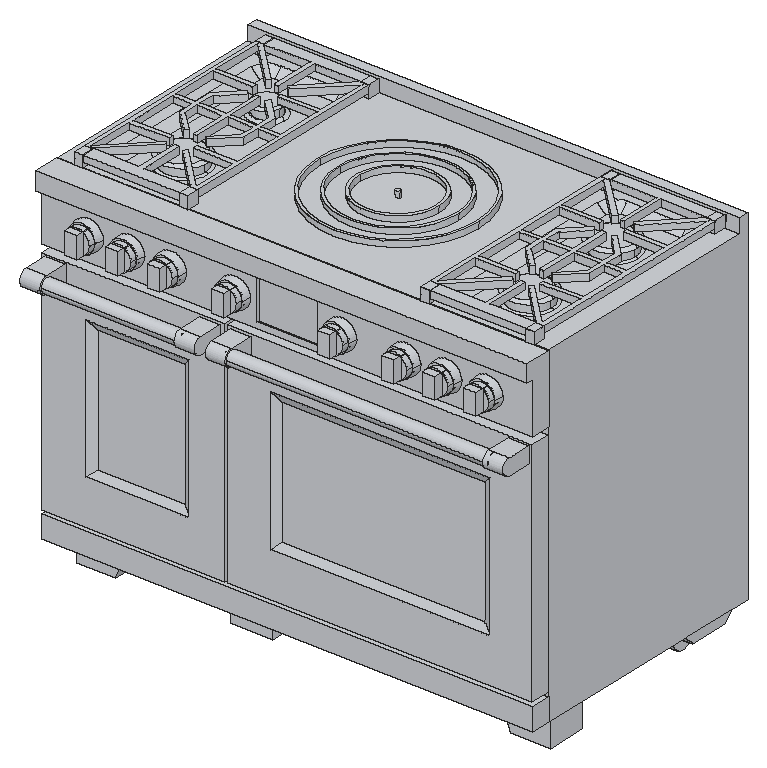
Revit family "DF48450F_S_P", category Generic Models, Revit 2020
Family settings
  Can host rebar = No
  Round Connector Dimension = Use Diameter
  Part Type = Normal
  Work Plane-Based = No
  Always vertical = Yes
  Cut with Voids When Loaded = No
  Shared = No
  Room Calculation Point = No
Parameters
  Default Elevation = 0' - 0"
Reference planes (in)
  plane 1 "Center (Front/Back)": y = 0
  plane 2: z = 0
  plane 3 "Center (Left/Right)": x = 0
Forms (in)
  Extrusion 1, solid
    sketch origin (0, 0, 0) x (0, 1, 0) y (0, 0, 1)
      loop
        line (1.88976, 35.59055) -> (-0.70866, 35.59055) -> (-0.70866, 33.89764) -> (0, 33.89764) -> (0, 28.9252) -> (1.88976, 28.9252) -> (1.88976, 35.59055)
    from 0 to 47.87401
  Extrusion 2, solid
    sketch origin (0, 0, 0) x (0, 1, 0) y (0, 0, 1)
      loop
        line (26.14173, 36.9685) -> (25.15748, 36.9685) -> (25.15748, 35.59055) -> (1.9685, 35.59055) -> (1.9685, 3.14961) -> (26.14173, 3.14961) -> (26.14173, 36.9685)
    from 0 to 47.87401
  Extrusion 3, solid
    sketch origin (0, 0, 0) x (0, 1, 0) y (0, 0, 1)
      loop
        line (1.9685, 5.31496) -> (0, 5.31496) -> (0, 3.14961) -> (1.9685, 3.14961) -> (1.9685, 5.31496)
    from 0 to 47.87401
  Extrusion 4, solid
    sketch origin (0, 0, 0) x (0, 1, 0) y (0, 0, 1)
      loop
        line (0, 28.18898) -> (0, 5.70866) -> (1.9685, 5.70866) -> (1.9685, 28.18898) -> (0, 28.18898)
    from 0 to 17.79528
  Extrusion 5, solid
    sketch origin (0, 0, 0) x (0, 1, 0) y (0, 0, 1)
      loop
        line (0, 26.41732) -> (0, 27.99213) -> (-2.3622, 27.99213)
        arc (-2.3622, 27.99213) -> (-3.14961, 27.20472) -> (-2.3622, 26.41732) r 0.7874
        line (-2.3622, 26.41732) -> (0, 26.41732)
    from 0.40557 to 2.36419
  Extrusion 6, solid
    sketch origin (26.75, 0, 0) x (0, 1, 0) y (0, 0, 1)
      loop
        line (0, 26.41732) -> (0, 27.99213) -> (-2.3622, 27.99213)
        arc (-2.3622, 27.99213) -> (-3.14961, 27.20472) -> (-2.3622, 26.41732) r 0.7874
        line (-2.3622, 26.41732) -> (0, 26.41732)
    from -11.31693 to -9.35529
  Extrusion 7, solid
    sketch origin (0, 0, 0) x (0, 1, 0) y (0, 0, 1)
      loop
        circle (-2.41707, 27.24489) r 0.66649
    from 1.8261 to 15.89362
  Extrusion 8, solid
    sketch origin (0, 0, 0) x (1, 0, 0) y (0, 0, 1)
      loop
        line (0.84646, 3.14961) -> (0.84646, 0) -> (4.66535, 0) -> (5.90551, 3.14961) -> (0.84646, 3.14961)
    from -7.02923 to -3.18791
  Extrusion 9, solid
    sketch origin (17.99213, 0, 0) x (1, 0, 0) y (0, 0, 1)
      loop
        line (23.97638, 3.14961) -> (25.21654, 0) -> (29.03543, 0) -> (29.03543, 3.14961) -> (23.97638, 3.14961)
    from -7.02923 to -3.18791
  Extrusion 10, solid
    sketch origin (0, 0, 0) x (0, 1, 0) y (0, 0, 1)
      loop
        line (24.17323, 3.14961) -> (18.66142, 3.14961) -> (19.45248, 2.27893) -> (23.38927, 2.27893) -> (24.17323, 3.14961)
    from 0 to 4.72441
  Extrusion 11, solid
    sketch origin (0, 0, 0) x (0, 1, 0) y (0, 0, 1)
      loop
        line (22.5954, 2.27893) -> (20.23924, 2.27893) -> (21.02362, 1.10236) -> (21.81102, 1.10236) -> (22.5954, 2.27893)
    from 1.5748 to 3.93701
  Extrusion 12, solid
    sketch origin (0, 0, 0) x (0, 1, 0) y (0, 0, 1)
      loop
        circle (21.41732, 1.10236) r 1.1236
    from 2.55906 to 2.95276
  Extrusion 13, solid
    sketch origin (43.14961, 0, 0) x (0, 1, 0) y (0, 0, 1)
      loop
        line (24.17323, 3.14961) -> (18.66142, 3.14961) -> (19.45248, 2.27893) -> (23.38927, 2.27893) -> (24.17323, 3.14961)
    from 0 to 4.72441
  Extrusion 14, solid
    sketch origin (42.36522, 0, 0) x (0, 1, 0) y (0, 0, 1)
      loop
        line (22.5954, 2.27893) -> (20.23924, 2.27893) -> (21.02362, 1.10236) -> (21.81102, 1.10236) -> (22.5954, 2.27893)
    from 1.5748 to 3.93701
  Extrusion 15, solid
    sketch origin (42.36522, 0, 0) x (0, 1, 0) y (0, 0, 1)
      loop
        circle (21.41732, 1.10236) r 1.1236
    from 2.55906 to 2.95276
  Blend 16, solid
    base sketch origin (0.90551, 0, 0) x (1, 0, 0) y (0, 0, 1)
      loop
        circle (3.62205, 31.31299) r 1.45314
    top sketch origin (0.90551, 0, 0) x (1, 0, 0) y (0, 0, 1)
      loop
        circle (3.62205, 31.31299) r 1.33532
    from 0 to 0.7874
  Extrusion 17, solid
    sketch origin (0.90551, 0, 0) x (1, 0, 0) y (0, 0, 1)
      loop
        circle (3.62205, 31.31299) r 1.21601
    from 0 to 1.37795
  Extrusion 18, solid
    sketch origin (0.90551, 0, 0) x (1, 0, 0) y (0, 0, 1)
      loop
        line (3.0315, 32.37598) -> (3.0315, 30.29013) -> (4.2126, 30.29013) -> (4.2126, 32.37598) -> (3.0315, 32.37598)
    from 0 to 2.15573
  Blend 19, solid, not visible
    base sketch origin (0, 0, 0) x (1, 0, 0) y (0, 0, 1)
      loop
        circle (3.62205, 31.31299) r 1.45314
    top sketch origin (0, 0, 0) x (1, 0, 0) y (0, 0, 1)
      loop
        circle (3.62205, 31.31299) r 1.33532
    from 0 to 0.7874
  Extrusion 20, solid, not visible
    sketch origin (0, 0, 0) x (1, 0, 0) y (0, 0, 1)
      loop
        circle (3.62205, 31.31299) r 1.21601
    from 0 to 1.37795
  Extrusion 21, solid, not visible
    sketch origin (0, 0, 0) x (1, 0, 0) y (0, 0, 1)
      loop
        line (3.0315, 32.37598) -> (3.0315, 30.29013) -> (4.2126, 30.29013) -> (4.2126, 32.37598) -> (3.0315, 32.37598)
    from 0 to 2.15573
  Blend 22, solid
    base sketch origin (4.92126, 0, 0) x (1, 0, 0) y (0, 0, 1)
      loop
        circle (3.62205, 31.31299) r 1.45314
    top sketch origin (4.92126, 0, 0) x (1, 0, 0) y (0, 0, 1)
      loop
        circle (3.62205, 31.31299) r 1.33532
    from 0 to 0.7874
  Extrusion 23, solid
    sketch origin (4.92126, 0, 0) x (1, 0, 0) y (0, 0, 1)
      loop
        circle (3.62205, 31.31299) r 1.21601
    from 0 to 1.37795
  Extrusion 24, solid
    sketch origin (4.92126, 0, 0) x (1, 0, 0) y (0, 0, 1)
      loop
        line (3.0315, 32.37598) -> (3.0315, 30.29013) -> (4.2126, 30.29013) -> (4.2126, 32.37598) -> (3.0315, 32.37598)
    from 0 to 2.15573
  Blend 25, solid
    base sketch origin (9.00306, 0, 0) x (1, 0, 0) y (0, 0, 1)
      loop
        circle (3.62205, 31.31299) r 1.45314
    top sketch origin (9.00306, 0, 0) x (1, 0, 0) y (0, 0, 1)
      loop
        circle (3.62205, 31.31299) r 1.33532
    from 0 to 0.7874
  Extrusion 26, solid
    sketch origin (9.00306, 0, 0) x (1, 0, 0) y (0, 0, 1)
      loop
        circle (3.62205, 31.31299) r 1.21601
    from 0 to 1.37795
  Extrusion 27, solid
    sketch origin (9.00306, 0, 0) x (1, 0, 0) y (0, 0, 1)
      loop
        line (3.0315, 32.37598) -> (3.0315, 30.29013) -> (4.2126, 30.29013) -> (4.2126, 32.37598) -> (3.0315, 32.37598)
    from 0 to 2.15573
  Blend 28, solid
    base sketch origin (15.23622, 0, 0) x (1, 0, 0) y (0, 0, 1)
      loop
        circle (3.62205, 31.31299) r 1.45314
    top sketch origin (15.23622, 0, 0) x (1, 0, 0) y (0, 0, 1)
      loop
        circle (3.62205, 31.31299) r 1.33532
    from 0 to 0.7874
  Extrusion 29, solid
    sketch origin (15.23622, 0, 0) x (1, 0, 0) y (0, 0, 1)
      loop
        circle (3.62205, 31.31299) r 1.21601
    from 0 to 1.37795
  Extrusion 30, solid
    sketch origin (15.23622, 0, 0) x (1, 0, 0) y (0, 0, 1)
      loop
        line (3.0315, 32.37598) -> (3.0315, 30.29013) -> (4.2126, 30.29013) -> (4.2126, 32.37598) -> (3.0315, 32.37598)
    from 0 to 2.15573
  Blend 31, solid
    base sketch origin (25.59072, 0, 0) x (1, 0, 0) y (0, 0, 1)
      loop
        circle (3.62205, 31.31299) r 1.45314
    top sketch origin (25.59072, 0, 0) x (1, 0, 0) y (0, 0, 1)
      loop
        circle (3.62205, 31.31299) r 1.33532
    from 0 to 0.7874
  Extrusion 32, solid
    sketch origin (25.59072, 0, 0) x (1, 0, 0) y (0, 0, 1)
      loop
        circle (3.62205, 31.31299) r 1.21601
    from 0 to 1.37795
  Extrusion 33, solid
    sketch origin (25.59072, 0, 0) x (1, 0, 0) y (0, 0, 1)
      loop
        line (3.0315, 32.37598) -> (3.0315, 30.29013) -> (4.2126, 30.29013) -> (4.2126, 32.37598) -> (3.0315, 32.37598)
    from 0 to 2.15573
  Extrusion 34, void
    sketch origin (0, 0, 0) x (1, 0, 0) y (0, 0, 1)
      loop
        line (26.89068, 33.47638) -> (20.99005, 33.47638) -> (20.99005, 29.46063) -> (26.89068, 29.46063) -> (26.89068, 33.47638)
    from -0.22861 to 12
  Blend 35, void
    base sketch origin (0, 0, 0) x (1, 0, 0) y (0, 0, 1)
      loop
        line (5.09843, 23.05118) -> (5.09843, 10.84646) -> (13.58268, 10.84646) -> (13.58268, 23.05118) -> (5.09843, 23.05118)
    top sketch origin (0, 0, 0) x (1, 0, 0) y (0, 0, 1)
      loop
        line (14.37008, 23.83858) -> (4.31102, 23.83858) -> (4.31102, 10.05905) -> (14.37008, 10.05905) -> (14.37008, 23.83858)
    from -0.3937 to 0
  Blend 36, void
    base sketch origin (0.17716, 0, 0) x (1, 0, 0) y (0, 1, 0)
      loop
        arc (4.14855, 22.95276) -> (3.56747, 22.71206) -> (3.32677, 22.13098) r 0.82178
        line (3.32677, 22.13098) -> (3.32677, 4.8769)
        arc (3.32677, 4.8769) -> (3.56747, 4.29581) -> (4.14855, 4.05512) r 0.82178
        line (4.14855, 4.05512) -> (9.98531, 4.05512)
        arc (9.98531, 4.05512) -> (10.56639, 4.29581) -> (10.80709, 4.8769) r 0.82178
        line (10.80709, 4.8769) -> (10.80709, 22.13098)
        arc (10.80709, 22.13098) -> (10.56639, 22.71206) -> (9.98531, 22.95276) r 0.82178
        line (9.98531, 22.95276) -> (4.14855, 22.95276)
    top sketch origin (0.17716, 0, 0) x (1, 0, 0) y (0, 1, 0)
      loop
        arc (4.12346, 23.74016) -> (2.98272, 23.26764) -> (2.5102, 22.1269) r 1.61326
        line (2.5102, 22.1269) -> (2.5102, 4.8769)
        arc (2.5102, 4.8769) -> (2.98101, 3.74026) -> (4.11765, 3.26945) r 1.60744
        line (4.11765, 3.26945) -> (10.0306, 3.26945)
        arc (10.0306, 3.26945) -> (11.13644, 3.7275) -> (11.59449, 4.83334) r 1.56388
        line (11.59449, 4.83334) -> (11.59449, 22.13098)
        arc (11.59449, 22.13098) -> (11.12317, 23.26884) -> (9.98531, 23.74016) r 1.60918
        line (9.98531, 23.74016) -> (4.12346, 23.74016)
    from 34.80848 to 35.59055
  Extrusion 37, solid
    sketch origin (0.17716, 0, 0) x (1, 0, 0) y (0, 1, 0)
      loop
        line (1.55512, 25.15748) -> (1.55512, 1.88976) -> (12.57874, 1.88976) -> (12.57874, 25.15748) -> (1.55512, 25.15748)
      loop
        line (2.22659, 23.93701) -> (6.25887, 19.90473) -> (5.97639, 19.62225) -> (1.94342, 23.65522) -> (1.94342, 18.58268) -> (5.88583, 18.58268) -> (5.88583, 18.18898) -> (1.94342, 18.18898) -> (1.94342, 13.70079) -> (3.91732, 13.70079) -> (3.91732, 15.35713) -> (5.94192, 17.38172) -> (6.22031, 17.10333) -> (4.31102, 15.19405) -> (4.31102, 13.70079) -> (6.87008, 13.70079) -> (6.87008, 17.27886) -> (7.26545, 17.27886) -> (7.26545, 13.70079) -> (9.82036, 13.70079) -> (9.82036, 15.19738) -> (7.91548, 17.10225) -> (8.19345, 17.38021) -> (10.21654, 15.35713) -> (10.21654, 13.70079) -> (12.18504, 13.70079) -> (12.18504, 18.18898) -> (8.24803, 18.18898) -> (8.24803, 18.58268) -> (12.18504, 18.58268) -> (12.18504, 23.65908) -> (8.15161, 19.62565) -> (7.86344, 19.91382) -> (11.88664, 23.93701) -> (7.26378, 23.93701) -> (7.26378, 19.6063) -> (6.87008, 19.6063) -> (6.87008, 23.93701) -> (2.22659, 23.93701)
      loop
        line (9.82036, 11.79288) -> (9.82036, 13.30709) -> (7.26545, 13.30709) -> (7.26545, 9.74409) -> (6.87008, 9.74409) -> (6.87008, 13.30709) -> (4.31102, 13.30709) -> (4.31102, 11.81382) -> (6.22187, 9.90297) -> (5.94348, 9.62459) -> (3.91732, 11.65075) -> (3.91732, 13.31073) -> (1.94342, 13.31073) -> (1.94342, 8.38583) -> (5.88583, 8.38583) -> (5.88583, 7.99213) -> (1.94342, 7.99213) -> (1.94342, 3.37305) -> (5.97438, 7.40401) -> (6.26736, 7.11102) -> (2.22655, 3.07021) -> (6.86986, 3.07021) -> (6.86986, 7.40401) -> (7.26545, 7.40401) -> (7.26545, 3.07021) -> (11.90457, 3.07021) -> (7.84812, 7.12666) -> (8.11918, 7.39772) -> (12.18504, 3.33186) -> (12.18504, 7.99213) -> (8.24803, 7.99213) -> (8.24803, 8.38583) -> (12.18504, 8.38583) -> (12.18504, 13.30709) -> (10.21654, 13.30709) -> (10.21654, 11.65075) -> (8.19038, 9.62459) -> (7.92122, 9.89374) -> (9.82036, 11.79288)
    from 36.10253 to 36.77165
  Extrusion 38, solid
    sketch origin (0.17716, 0, 0) x (1, 0, 0) y (0, 1, 0)
      loop
        line (11.79134, 3.07021) -> (11.79134, 1.88976) -> (12.57874, 1.88976) -> (12.57874, 3.07021) -> (11.79134, 3.07021)
      loop
        line (12.57874, 25.11811) -> (11.79134, 25.11811) -> (11.79134, 23.93701) -> (12.57874, 23.93701) -> (12.57874, 25.11811)
      loop
        line (1.55512, 25.11811) -> (1.55512, 23.93701) -> (2.34252, 23.93701) -> (2.34252, 25.11811) -> (1.55512, 25.11811)
      loop
        line (2.34252, 3.07021) -> (1.55512, 3.07021) -> (1.55512, 1.88976) -> (2.34252, 1.88976) -> (2.34252, 3.07021)
    from 35.59055 to 36.77165
  Extrusion 39, solid
    sketch origin (33.91732, 0, 0) x (1, 0, 0) y (0, 1, 0)
      loop
        line (1.55512, 25.15748) -> (1.55512, 1.88976) -> (12.57874, 1.88976) -> (12.57874, 25.15748) -> (1.55512, 25.15748)
      loop
        line (2.22659, 23.93701) -> (6.25887, 19.90473) -> (5.97639, 19.62225) -> (1.94342, 23.65522) -> (1.94342, 18.58268) -> (5.88583, 18.58268) -> (5.88583, 18.18898) -> (1.94342, 18.18898) -> (1.94342, 13.70079) -> (3.91732, 13.70079) -> (3.91732, 15.35713) -> (5.94192, 17.38172) -> (6.22031, 17.10333) -> (4.31102, 15.19405) -> (4.31102, 13.70079) -> (6.87008, 13.70079) -> (6.87008, 17.27886) -> (7.26545, 17.27886) -> (7.26545, 13.70079) -> (9.82036, 13.70079) -> (9.82036, 15.19738) -> (7.91548, 17.10225) -> (8.19345, 17.38021) -> (10.21654, 15.35713) -> (10.21654, 13.70079) -> (12.18504, 13.70079) -> (12.18504, 18.18898) -> (8.24803, 18.18898) -> (8.24803, 18.58268) -> (12.18504, 18.58268) -> (12.18504, 23.65908) -> (8.15161, 19.62565) -> (7.86344, 19.91382) -> (11.88664, 23.93701) -> (7.26378, 23.93701) -> (7.26378, 19.6063) -> (6.87008, 19.6063) -> (6.87008, 23.93701) -> (2.22659, 23.93701)
      loop
        line (9.82036, 11.79288) -> (9.82036, 13.30709) -> (7.26545, 13.30709) -> (7.26545, 9.74409) -> (6.87008, 9.74409) -> (6.87008, 13.30709) -> (4.31102, 13.30709) -> (4.31102, 11.81382) -> (6.22187, 9.90297) -> (5.94348, 9.62459) -> (3.91732, 11.65075) -> (3.91732, 13.31073) -> (1.94342, 13.31073) -> (1.94342, 8.38583) -> (5.88583, 8.38583) -> (5.88583, 7.99213) -> (1.94342, 7.99213) -> (1.94342, 3.37305) -> (5.97438, 7.40401) -> (6.26736, 7.11102) -> (2.22655, 3.07021) -> (6.86986, 3.07021) -> (6.86986, 7.40401) -> (7.26545, 7.40401) -> (7.26545, 3.07021) -> (11.90457, 3.07021) -> (7.84812, 7.12666) -> (8.11918, 7.39772) -> (12.18504, 3.33186) -> (12.18504, 7.99213) -> (8.24803, 7.99213) -> (8.24803, 8.38583) -> (12.18504, 8.38583) -> (12.18504, 13.30709) -> (10.21654, 13.30709) -> (10.21654, 11.65075) -> (8.19038, 9.62459) -> (7.92122, 9.89374) -> (9.82036, 11.79288)
    from 36.10253 to 36.77165
  Extrusion 40, solid
    sketch origin (33.91732, 0, 0) x (1, 0, 0) y (0, 1, 0)
      loop
        line (11.79134, 3.07021) -> (11.79134, 1.88976) -> (12.57874, 1.88976) -> (12.57874, 3.07021) -> (11.79134, 3.07021)
      loop
        line (12.57874, 25.11811) -> (11.79134, 25.11811) -> (11.79134, 23.93701) -> (12.57874, 23.93701) -> (12.57874, 25.11811)
      loop
        line (1.55512, 25.11811) -> (1.55512, 23.93701) -> (2.34252, 23.93701) -> (2.34252, 25.11811) -> (1.55512, 25.11811)
      loop
        line (2.34252, 3.07021) -> (1.55512, 3.07021) -> (1.55512, 1.88976) -> (2.34252, 1.88976) -> (2.34252, 3.07021)
    from 35.59055 to 36.77165
  Blend 41, solid
    base sketch origin (0.17716, 0, 0) x (1, 0, 0) y (0, 1, 0)
      loop
        circle (7.09071, 18.35456) r 1.75898
    top sketch origin (0.17716, 0, 0) x (1, 0, 0) y (0, 1, 0)
      loop
        circle (7.09071, 18.35456) r 1.42487
    from 34.80848 to 34.99711
  Blend 42, solid
    base sketch origin (0.17716, -10.19685, 0) x (1, 0, 0) y (0, 1, 0)
      loop
        circle (7.09071, 18.35456) r 2.38325
    top sketch origin (0.17716, -10.19685, 0) x (1, 0, 0) y (0, 1, 0)
      loop
        circle (7.09071, 18.35456) r 2
    from 34.80848 to 34.99711
  Extrusion 43, solid
    sketch origin (0.17716, 0, 0) x (1, 0, 0) y (0, 1, 0)
      loop
        circle (7.10752, 18.34098) r 1.28657
    from 34.80848 to 35.7874
  Extrusion 44, solid
    sketch origin (0.17716, -10.19685, 0) x (1, 0, 0) y (0, 1, 0)
      loop
        circle (7.10752, 18.34098) r 2.08832
    from 34.80848 to 35.7874
  Blend 45, solid
    base sketch origin (0.17716, 0, 0.97892) x (1, 0, 0) y (0, 1, 0)
      loop
        circle (7.09071, 18.35456) r 1.42487
    top sketch origin (0.17716, 0, 0.97892) x (1, 0, 0) y (0, 1, 0)
      loop
        circle (7.09071, 18.35456) r 1.25
    from 34.80848 to 34.99711
  Blend 46, solid
    base sketch origin (0.17716, -10.19685, 0.97892) x (1, 0, 0) y (0, 1, 0)
      loop
        circle (7.09071, 18.35456) r 2.38325
    top sketch origin (0.17716, -10.19685, 0.97892) x (1, 0, 0) y (0, 1, 0)
      loop
        circle (7.09071, 18.35456) r 2
    from 34.80848 to 34.99711
  Blend 47, solid
    base sketch origin (33.91732, 0, 0) x (1, 0, 0) y (0, 1, 0)
      loop
        circle (7.09071, 18.35456) r 2.38325
    top sketch origin (33.91732, 0, 0) x (1, 0, 0) y (0, 1, 0)
      loop
        circle (7.09071, 18.35456) r 2
    from 34.80848 to 34.99711
  Extrusion 48, solid
    sketch origin (33.91732, 0, 0) x (1, 0, 0) y (0, 1, 0)
      loop
        circle (7.10752, 18.34098) r 2.08832
    from 34.80848 to 35.7874
  Blend 49, solid
    base sketch origin (33.91732, 0, 0.97892) x (1, 0, 0) y (0, 1, 0)
      loop
        circle (7.09071, 18.35456) r 2.38325
    top sketch origin (33.91732, 0, 0.97892) x (1, 0, 0) y (0, 1, 0)
      loop
        circle (7.09071, 18.35456) r 2
    from 34.80848 to 34.99711
  Blend 50, solid
    base sketch origin (33.91732, -10.19685, 0) x (1, 0, 0) y (0, 1, 0)
      loop
        circle (7.09071, 18.35456) r 2.38325
    top sketch origin (33.91732, -10.19685, 0) x (1, 0, 0) y (0, 1, 0)
      loop
        circle (7.09071, 18.35456) r 2
    from 34.80848 to 34.99711
  Extrusion 51, solid
    sketch origin (33.91732, -10.19685, 0) x (1, 0, 0) y (0, 1, 0)
      loop
        circle (7.10752, 18.34098) r 2.08832
    from 34.80848 to 35.7874
  Blend 52, solid
    base sketch origin (33.91732, -10.19685, 0.97892) x (1, 0, 0) y (0, 1, 0)
      loop
        circle (7.09071, 18.35456) r 2.38325
    top sketch origin (33.91732, -10.19685, 0.97892) x (1, 0, 0) y (0, 1, 0)
      loop
        circle (7.09071, 18.35456) r 2
    from 34.80848 to 34.99711
  Blend 53, solid
    base sketch origin (10.93176, 0, 0) x (1, 0, 0) y (0, 1, 0)
      loop
        circle (7.09071, 18.35456) r 1.75898
    top sketch origin (10.93176, 0, 0) x (1, 0, 0) y (0, 1, 0)
      loop
        circle (7.09071, 18.35456) r 1.42487
    from 34.80848 to 34.99711
  Extrusion 54, solid
    sketch origin (15.82677, 0, 0) x (0, 1, 0) y (0, 0, 1)
      loop
        line (24.17323, 3.14961) -> (18.66142, 3.14961) -> (19.45248, 2.27893) -> (23.38927, 2.27893) -> (24.17323, 3.14961)
    from -0.7874 to 4.72441
  Extrusion 55, solid
    sketch origin (15.03937, 0, 0) x (0, 1, 0) y (0, 0, 1)
      loop
        line (22.5954, 2.27893) -> (20.23924, 2.27893) -> (21.02362, 1.10236) -> (21.81102, 1.10236) -> (22.5954, 2.27893)
    from 1.5748 to 3.93701
  Extrusion 56, solid
    sketch origin (15.03937, 0, 0) x (0, 1, 0) y (0, 0, 1)
      loop
        circle (21.41732, 1.10236) r 1.1236
    from 2.55906 to 2.95276
  Extrusion 57, solid
    sketch origin (0, 0, 0) x (1, 0, 0) y (0, 0, 1)
      loop
        line (15.82677, 0) -> (19.96063, 0) -> (19.96063, 3.14961) -> (15.82677, 3.14961) -> (15.82677, 0)
    from -7.02923 to -3.18791
  Extrusion 58, solid
    sketch origin (30, 0, 0) x (0, 1, 0) y (0, 0, 1)
      loop
        line (0, 28.18898) -> (0, 5.70866) -> (1.9685, 5.70866) -> (1.9685, 28.18898) -> (0, 28.18898)
    from -11.88976 to 17.79528
  Blend 59, void
    base sketch origin (30, 0, 0) x (1, 0, 0) y (0, 0, 1)
      loop
        line (-6.90945, 23.05118) -> (-6.90945, 10.84646) -> (12.8937, 10.84646) -> (12.8937, 23.05118) -> (-6.90945, 23.05118)
    top sketch origin (30, 0, 0) x (1, 0, 0) y (0, 0, 1)
      loop
        line (13.6811, 23.83858) -> (-7.69685, 23.83858) -> (-7.69685, 10.05905) -> (13.6811, 10.05905) -> (13.6811, 23.83858)
    from -0.3937 to 0
  Extrusion 60, solid
    sketch origin (30.06421, 0, 0) x (0, 1, 0) y (0, 0, 1)
      loop
        line (0, 26.41732) -> (0, 27.99213) -> (-2.3622, 27.99213)
        arc (-2.3622, 27.99213) -> (-3.14961, 27.20472) -> (-2.3622, 26.41732) r 0.7874
        line (-2.3622, 26.41732) -> (0, 26.41732)
    from -11.59142 to -9.6695
  Extrusion 61, solid
    sketch origin (56.81421, 0, 0) x (0, 1, 0) y (0, 0, 1)
      loop
        line (0, 26.41732) -> (0, 27.99213) -> (-2.3622, 27.99213)
        arc (-2.3622, 27.99213) -> (-3.14961, 27.20472) -> (-2.3622, 26.41732) r 0.7874
        line (-2.3622, 26.41732) -> (0, 26.41732)
    from -11.31693 to -9.35529
  Extrusion 62, solid
    sketch origin (30.06421, 0, 0) x (0, 1, 0) y (0, 0, 1)
      loop
        circle (-2.41707, 27.24489) r 0.66649
    from -9.85108 to 15.89362
  Blend 63, solid
    base sketch origin (31.84072, 0, 0) x (1, 0, 0) y (0, 0, 1)
      loop
        circle (3.62205, 31.31299) r 1.45314
    top sketch origin (31.84072, 0, 0) x (1, 0, 0) y (0, 0, 1)
      loop
        circle (3.62205, 31.31299) r 1.33532
    from 0 to 0.7874
  Extrusion 64, solid
    sketch origin (31.84072, 0, 0) x (1, 0, 0) y (0, 0, 1)
      loop
        circle (3.62205, 31.31299) r 1.21601
    from 0 to 1.37795
  Extrusion 65, solid
    sketch origin (31.84072, 0, 0) x (1, 0, 0) y (0, 0, 1)
      loop
        line (3.0315, 32.37598) -> (3.0315, 30.29013) -> (4.2126, 30.29013) -> (4.2126, 32.37598) -> (3.0315, 32.37598)
    from 0 to 2.15573
  Blend 66, solid
    base sketch origin (35.84072, 0, 0) x (1, 0, 0) y (0, 0, 1)
      loop
        circle (3.62205, 31.31299) r 1.45314
    top sketch origin (35.84072, 0, 0) x (1, 0, 0) y (0, 0, 1)
      loop
        circle (3.62205, 31.31299) r 1.33532
    from 0 to 0.7874
  Extrusion 67, solid
    sketch origin (35.84072, 0, 0) x (1, 0, 0) y (0, 0, 1)
      loop
        circle (3.62205, 31.31299) r 1.21601
    from 0 to 1.37795
  Extrusion 68, solid
    sketch origin (35.84072, 0, 0) x (1, 0, 0) y (0, 0, 1)
      loop
        line (3.0315, 32.37598) -> (3.0315, 30.29013) -> (4.2126, 30.29013) -> (4.2126, 32.37598) -> (3.0315, 32.37598)
    from 0 to 2.15573
  Blend 69, solid
    base sketch origin (39.84072, 0, 0) x (1, 0, 0) y (0, 0, 1)
      loop
        circle (3.62205, 31.31299) r 1.45314
    top sketch origin (39.84072, 0, 0) x (1, 0, 0) y (0, 0, 1)
      loop
        circle (3.62205, 31.31299) r 1.33532
    from 0 to 0.7874
  Extrusion 70, solid
    sketch origin (39.84072, 0, 0) x (1, 0, 0) y (0, 0, 1)
      loop
        circle (3.62205, 31.31299) r 1.21601
    from 0 to 1.37795
  Extrusion 71, solid
    sketch origin (39.84072, 0, 0) x (1, 0, 0) y (0, 0, 1)
      loop
        line (3.0315, 32.37598) -> (3.0315, 30.29013) -> (4.2126, 30.29013) -> (4.2126, 32.37598) -> (3.0315, 32.37598)
    from 0 to 2.15573
  Blend 72, void
    base sketch origin (33.91732, 0, 0) x (1, 0, 0) y (0, 1, 0)
      loop
        arc (4.14855, 22.95276) -> (3.56747, 22.71206) -> (3.32677, 22.13098) r 0.82178
        line (3.32677, 22.13098) -> (3.32677, 4.8769)
        arc (3.32677, 4.8769) -> (3.56747, 4.29581) -> (4.14855, 4.05512) r 0.82178
        line (4.14855, 4.05512) -> (9.98531, 4.05512)
        arc (9.98531, 4.05512) -> (10.56639, 4.29581) -> (10.80709, 4.8769) r 0.82178
        line (10.80709, 4.8769) -> (10.80709, 22.13098)
        arc (10.80709, 22.13098) -> (10.56639, 22.71206) -> (9.98531, 22.95276) r 0.82178
        line (9.98531, 22.95276) -> (4.14855, 22.95276)
    top sketch origin (33.91732, 0, 0) x (1, 0, 0) y (0, 1, 0)
      loop
        arc (4.12346, 23.74016) -> (2.98272, 23.26764) -> (2.5102, 22.1269) r 1.61326
        line (2.5102, 22.1269) -> (2.5102, 4.8769)
        arc (2.5102, 4.8769) -> (2.98101, 3.74026) -> (4.11765, 3.26945) r 1.60744
        line (4.11765, 3.26945) -> (10.0306, 3.26945)
        arc (10.0306, 3.26945) -> (11.13644, 3.7275) -> (11.59449, 4.83334) r 1.56388
        line (11.59449, 4.83334) -> (11.59449, 22.13098)
        arc (11.59449, 22.13098) -> (11.12317, 23.26884) -> (9.98531, 23.74016) r 1.60918
        line (9.98531, 23.74016) -> (4.12346, 23.74016)
    from 34.80848 to 35.59055
  Blend 73, void, not visible
    base sketch origin (-0.55118, 0, 0) x (1, 0, 0) y (0, 1, 0)
      loop
        arc (4.14855, 22.95276) -> (3.56747, 22.71206) -> (3.32677, 22.13098) r 0.82178
        line (3.32677, 22.13098) -> (3.32677, 4.8769)
        arc (3.32677, 4.8769) -> (3.56747, 4.29581) -> (4.14855, 4.05512) r 0.82178
        line (4.14855, 4.05512) -> (9.98531, 4.05512)
        arc (9.98531, 4.05512) -> (10.56639, 4.29581) -> (10.80709, 4.8769) r 0.82178
        line (10.80709, 4.8769) -> (10.80709, 22.13098)
        arc (10.80709, 22.13098) -> (10.56639, 22.71206) -> (9.98531, 22.95276) r 0.82178
        line (9.98531, 22.95276) -> (4.14855, 22.95276)
    top sketch origin (-0.55118, 0, 0) x (1, 0, 0) y (0, 1, 0)
      loop
        arc (4.12346, 23.74016) -> (2.98272, 23.26764) -> (2.5102, 22.1269) r 1.61326
        line (2.5102, 22.1269) -> (2.5102, 4.8769)
        arc (2.5102, 4.8769) -> (2.98101, 3.74026) -> (4.11765, 3.26945) r 1.60744
        line (4.11765, 3.26945) -> (10.0306, 3.26945)
        arc (10.0306, 3.26945) -> (11.13644, 3.7275) -> (11.59449, 4.83334) r 1.56388
        line (11.59449, 4.83334) -> (11.59449, 22.13098)
        arc (11.59449, 22.13098) -> (11.12317, 23.26884) -> (9.98531, 23.74016) r 1.60918
        line (9.98531, 23.74016) -> (4.12346, 23.74016)
    from 34.80848 to 35.59055
  Extrusion 74, solid, not visible
    sketch origin (-0.55118, 0, 0) x (1, 0, 0) y (0, 1, 0)
      loop
        line (1.55512, 25.15748) -> (1.55512, 1.88976) -> (12.57874, 1.88976) -> (12.57874, 25.15748) -> (1.55512, 25.15748)
      loop
        line (2.22659, 23.93701) -> (6.25887, 19.90473) -> (5.97639, 19.62225) -> (1.94342, 23.65522) -> (1.94342, 18.58268) -> (5.88583, 18.58268) -> (5.88583, 18.18898) -> (1.94342, 18.18898) -> (1.94342, 13.70079) -> (3.91732, 13.70079) -> (3.91732, 15.35713) -> (5.94192, 17.38172) -> (6.22031, 17.10333) -> (4.31102, 15.19405) -> (4.31102, 13.70079) -> (6.87008, 13.70079) -> (6.87008, 17.27886) -> (7.26545, 17.27886) -> (7.26545, 13.70079) -> (9.82036, 13.70079) -> (9.82036, 15.19738) -> (7.91548, 17.10225) -> (8.19345, 17.38021) -> (10.21654, 15.35713) -> (10.21654, 13.70079) -> (12.18504, 13.70079) -> (12.18504, 18.18898) -> (8.24803, 18.18898) -> (8.24803, 18.58268) -> (12.18504, 18.58268) -> (12.18504, 23.65908) -> (8.15161, 19.62565) -> (7.86344, 19.91382) -> (11.88664, 23.93701) -> (7.26378, 23.93701) -> (7.26378, 19.6063) -> (6.87008, 19.6063) -> (6.87008, 23.93701) -> (2.22659, 23.93701)
      loop
        line (9.82036, 11.79288) -> (9.82036, 13.30709) -> (7.26545, 13.30709) -> (7.26545, 9.74409) -> (6.87008, 9.74409) -> (6.87008, 13.30709) -> (4.31102, 13.30709) -> (4.31102, 11.81382) -> (6.22187, 9.90297) -> (5.94348, 9.62459) -> (3.91732, 11.65075) -> (3.91732, 13.31073) -> (1.94342, 13.31073) -> (1.94342, 8.38583) -> (5.88583, 8.38583) -> (5.88583, 7.99213) -> (1.94342, 7.99213) -> (1.94342, 3.37305) -> (5.97438, 7.40401) -> (6.26736, 7.11102) -> (2.22655, 3.07021) -> (6.86986, 3.07021) -> (6.86986, 7.40401) -> (7.26545, 7.40401) -> (7.26545, 3.07021) -> (11.90457, 3.07021) -> (7.84812, 7.12666) -> (8.11918, 7.39772) -> (12.18504, 3.33186) -> (12.18504, 7.99213) -> (8.24803, 7.99213) -> (8.24803, 8.38583) -> (12.18504, 8.38583) -> (12.18504, 13.30709) -> (10.21654, 13.30709) -> (10.21654, 11.65075) -> (8.19038, 9.62459) -> (7.92122, 9.89374) -> (9.82036, 11.79288)
    from 36.10253 to 36.77165
  Extrusion 75, solid, not visible
    sketch origin (-0.55118, 0, 0) x (1, 0, 0) y (0, 1, 0)
      loop
        line (11.79134, 3.07021) -> (11.79134, 1.88976) -> (12.57874, 1.88976) -> (12.57874, 3.07021) -> (11.79134, 3.07021)
      loop
        line (12.57874, 25.11811) -> (11.79134, 25.11811) -> (11.79134, 23.93701) -> (12.57874, 23.93701) -> (12.57874, 25.11811)
      loop
        line (1.55512, 25.11811) -> (1.55512, 23.93701) -> (2.34252, 23.93701) -> (2.34252, 25.11811) -> (1.55512, 25.11811)
      loop
        line (2.34252, 3.07021) -> (1.55512, 3.07021) -> (1.55512, 1.88976) -> (2.34252, 1.88976) -> (2.34252, 3.07021)
    from 35.59055 to 36.77165
  Blend 76, solid, not visible
    base sketch origin (-0.55118, 0, 0) x (1, 0, 0) y (0, 1, 0)
      loop
        circle (7.09071, 18.35456) r 1.75898
    top sketch origin (-0.55118, 0, 0) x (1, 0, 0) y (0, 1, 0)
      loop
        circle (7.09071, 18.35456) r 1.42487
    from 34.80848 to 34.99711
  Blend 77, solid, not visible
    base sketch origin (-0.55118, -10.19685, 0) x (1, 0, 0) y (0, 1, 0)
      loop
        circle (7.09071, 18.35456) r 2.38325
    top sketch origin (-0.55118, -10.19685, 0) x (1, 0, 0) y (0, 1, 0)
      loop
        circle (7.09071, 18.35456) r 2
    from 34.80848 to 34.99711
  Extrusion 78, solid, not visible
    sketch origin (-0.55118, 0, 0) x (1, 0, 0) y (0, 1, 0)
      loop
        circle (7.10752, 18.34098) r 1.28657
    from 34.80848 to 35.7874
  Extrusion 79, solid, not visible
    sketch origin (-0.55118, -10.19685, 0) x (1, 0, 0) y (0, 1, 0)
      loop
        circle (7.10752, 18.34098) r 2.08832
    from 34.80848 to 35.7874
  Blend 80, solid, not visible
    base sketch origin (-0.55118, 0, 0.97892) x (1, 0, 0) y (0, 1, 0)
      loop
        circle (7.09071, 18.35456) r 1.42487
    top sketch origin (-0.55118, 0, 0.97892) x (1, 0, 0) y (0, 1, 0)
      loop
        circle (7.09071, 18.35456) r 1.25
    from 34.80848 to 34.99711
  Blend 81, solid, not visible
    base sketch origin (-0.55118, -10.19685, 0.97892) x (1, 0, 0) y (0, 1, 0)
      loop
        circle (7.09071, 18.35456) r 2.38325
    top sketch origin (-0.55118, -10.19685, 0.97892) x (1, 0, 0) y (0, 1, 0)
      loop
        circle (7.09071, 18.35456) r 2
    from 34.80848 to 34.99711
  Extrusion 82, solid
    sketch origin (0, 0, 0) x (1, 0, 0) y (0, 1, 0)
      loop
        circle (23.93551, 13.48685) r 0.21278
      loop
        circle (23.93551, 13.48685) r 4
      loop
        circle (23.93551, 13.48685) r 3.73507
      loop
        circle (23.93551, 13.48685) r 5.90605
      loop
        circle (23.93551, 13.48685) r 5.69628
      loop
        circle (23.93551, 13.48685) r 7.89448
      loop
        circle (23.93551, 13.48685) r 7.67251
    from 34.80848 to 36.10253
Cuts and joins
  Extrusion 34 cuts Extrusion 1
  Blend 35, Blend 59 cuts Extrusion 4
  Blend 36, Blend 72 cuts Extrusion 2
  Blend 36 cuts Extrusion 8
  Blend 36 cuts Extrusion 10
  Blend 36 cuts Extrusion 11
  Blend 59 cuts Extrusion 58
  Blend 72 cuts Blend 53
Dimensions and locks (in)
  aligned and locked: plane 2 to level
